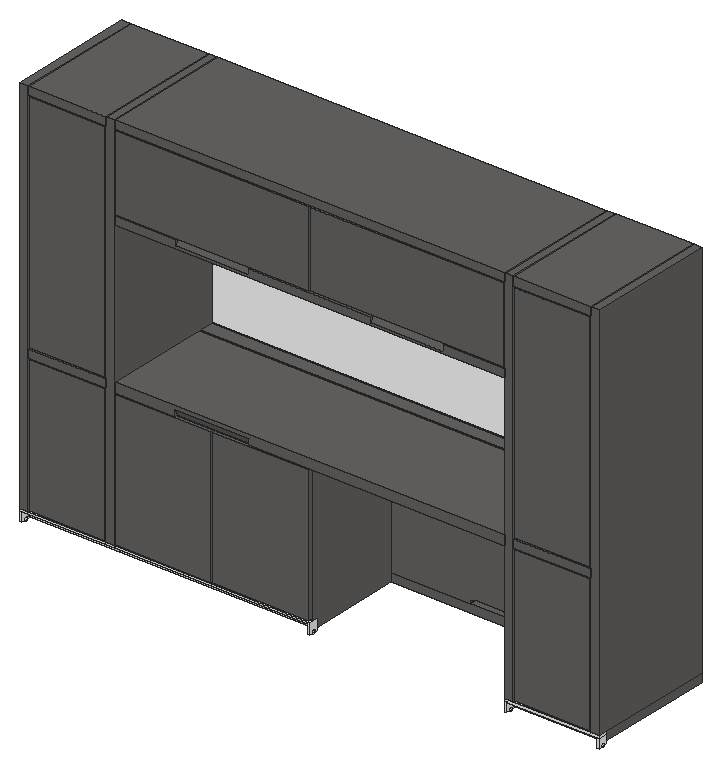
Revit family "Storage-Wall-Teknion-ZXSO_74_High_With_Lights-R2011", category Furniture Systems, Revit 2013
Parameters (values of type "(See Type Catalog)")
  Working Wall Finish [instance] = Glass - Teknion - K6 - White Backpainted
  Width = 108 105/128"
  Warranty = "http://www.teknionstudio.com/pdfs/Teknion%20Studio%20Warranty.pdf"
  Wall Unit Finish [instance] = Veneer - Teknion - P7 - Grey Oak
  Voltage = 120 V
  Unit Weight = 740.00 lbf
  URL = "www.teknionstudio.com"
  Tabletop Cutout Offset = if(Has Double Doors, 0", 4")  # 0"
  Right Storage Tower = Storage-Unit-Teknion-Tower : Upper Wardrobe & Lower Door
  Left Storage Tower = Storage-Unit-Teknion-Tower : Upper Wardrobe & Lower Door
  Series = "B&B Italia"
  Product Page URL = "http://www.teknionstudio.com/acexecutive/"
  Product Line = "AC Executive"
  Product Documentation Link = "http://www.teknionstudio.com/pricing/ac_executive_storage_walls_ppg.pdf"
  Power Factor = 1
  Part Number = "ZXSO"
  Number of Poles = 1
  Model = ""
  Manufacturer Phone = "919-464-2920"
  Manufacturer Fax = "919-464-2927"
  Manufacturer Email = "customersupport@teknionstudio.com"
  Manufacturer Address = "3940 US 70 Business HWY West, Clayton, NC 27520"
  Manufacturer = "Teknion Studio"  # constant formula
  Low Emitting Material = yes
  Low Emitting Finish = yes
  Height = 73.81394"
  Has File File Drawers = not(Has Double Doors)  # no
  Has Double Doors = yes
  Description = ""
  Depth = 24"
  Assembly Code = "E2020200"
  Apparent Load = 22.8 VA
Reference planes (in)
  plane 1 "Center F/B": y = 0
  plane 2: z = 0
  plane 3 "Back": y = 12
  plane 4 "Front": y = -12
  plane 5 "Top": z = 73.81394
  plane 6: x = 28.60504
  plane 7: z = 29.68402
  plane 8: z = 56.1289
  plane 9: x = -44.78207
  plane 10: z = 2.1289
  plane 11 "Center L/R": x = -8.08858
  plane 12 "Foot Centerline": y = -11.2126
  plane 13 "Tabletop Cutout": y = -12
  plane 14 "Foot Centerline Front": y = -10.22835
  plane 15 "Foot Centerline Back": y = 10.22835
  plane 16: y = -8.484
  plane 17 "Left": x = -62.49874
  plane 18 "Right": x = 46.32157
Forms (in)
  Sweep 1, solid, material "Metal - Teknion - C6 - Chrome"
    path origin (0, 0, 0) x (1, 0, 0) y (0, 0, 1)
      loop
        line (-44.78207, 2.1289) -> (-8.08858, 2.1289) -> (-8.08858, 0.05803)
    profile origin (-26.43533, 0, 2.1289) x (0, 0, 1) y (0, -1, 0)
      loop
        line (0, 12) -> (-0.394, 12) -> (-0.394, 10.4252) -> (0, 10.4252) -> (0, 12)
  Sweep 2, solid, material "Metal - Teknion - C6 - Chrome"
    path origin (0, 0, 0) x (1, 0, 0) y (0, 0, 1)
      loop
        line (-44.78207, 2.1289) -> (-8.08858, 2.1289)
    profile origin (-26.43533, 0, 2.1289) x (0, 0, 1) y (0, -1, 0)
      loop
        line (-0.394, 10.6222) -> (-1.5748, 10.6222) -> (-1.5748, 10.4252) -> (-0.394, 10.4252) -> (-0.394, 10.6222)
  Revolve 3, solid, material "Metal - Teknion - C6 - Chrome"
    sketch origin (0.39385, -11.2126, 0) x (0, 0, -1) y (1, 0, 0)
      loop
        line (-0.4911, -8.67943) -> (0, -8.67943) -> (0, -8.34479) -> (-0.03937, -8.30542) -> (-0.20618, -8.30542) -> (-0.24555, -8.34479) -> (-0.28492, -8.30542) -> (-0.45173, -8.30542) -> (-0.4911, -8.34479) -> (-0.4911, -8.67943)
      axis (0, -8.67943) -> (-0.4911, -8.67943)
    angle from 0 to 360
  Sweep 4, solid, material "Veneer - Teknion - P7 - Grey Oak" <- "Wall Unit Finish"
    path origin (0, 0, 0) x (1, 0, 0) y (0, 0, 1)
      loop
        line (-44.78207, 29.68402) -> (28.60504, 29.68402)
    profile origin (-8.08852, 0, 29.68402) x (0, 0, 1) y (0, -1, 0)
      loop
        line (0, 12) -> (-1.7638, 12) -> (-1.7638, -7.11393) -> (-5.30827, -7.11393) -> (-5.30827, -7.08268) -> (-27.55512, -7.08268) -> (-27.55512, -7.11393) -> (-29.0945, -7.11393) -> (-29.0945, -12) -> (-27.55512, -12) -> (-27.55512, -7.80668) -> (-5.30828, -7.80668) -> (-5.30828, -12) -> (44.12992, -12) -> (44.12992, 12) -> (42.59022, 12) -> (42.59022, 11.2126) -> (27.98392, 11.2126) -> (27.98392, 12) -> (26.44488, 12) -> (26.44488, -10.94094) -> (0, -10.94094) -> (0, -10.90969) -> (-0.72441, -10.90969) -> (-0.72441, -10.56693) -> (0, -10.56693) -> (0, -8.05709) -> (-0.72441, -8.05709) -> (-0.72441, -7.80709) -> (0, -7.80709) -> (0, 12)
  Sweep 5, solid, material "Veneer - Teknion - P7 - Grey Oak" <- "Wall Unit Finish"
    path origin (0, 0, 0) x (1, 0, 0) y (0, 0, 1)
      loop
        line (-44.78207, 29.68402) -> (-8.08858, 29.68402)
    profile origin (-26.43533, 0, 29.68402) x (0, 0, 1) y (0, -1, 0)
      loop
        line (-1.7638, 11.27559) -> (-27.55512, 11.27559) -> (-27.55512, 10.4252) -> (-29.0945, 10.4252) -> (-29.0945, -12) -> (-1.7638, -12) -> (-1.7638, 11.27559)
  Sweep 6, solid, material "Veneer - Teknion - P7 - Grey Oak" <- "Wall Unit Finish"
    path origin (0, 0, 15.40683) x (-1, 0, 0) y (0, -1, 0)
      loop
        line (16.17717, 12) -> (16.17717, 11.276)
    profile origin (-16.17717, -11.638, 15.40683) x (-1, 0, 0) y (0, 0, 1)
      loop
        line (28.35376, 42.5111) -> (28.35376, 56.6174) -> (-7.96416, 56.6174) -> (-7.96416, 42.5111) -> (28.35376, 42.5111)
      loop
        line (-8.21416, 56.6174) -> (-44.5322, 56.6174) -> (-44.5322, 42.5111) -> (-8.21416, 42.5111) -> (-8.21416, 56.6174)
  Sweep 7, solid, material "Veneer - Teknion - P7 - Grey Oak" <- "Wall Unit Finish", visible <- "Has Double Doors"
    path origin (0, 0, 15.40683) x (-1, 0, 0) y (0, -1, 0)
      loop
        line (16.17717, 12) -> (16.17717, 11.276)
    profile origin (-16.17717, -11.638, 15.40683) x (-1, 0, 0) y (0, 0, 1)
      loop
        line (-7.83788, 12.26339) -> (-7.83788, -13.03482) -> (10.15331, -13.03482) -> (10.15331, 12.26339) -> (-7.83788, 12.26339)
      loop
        line (10.40331, 12.26339) -> (10.40331, -13.03482) -> (28.35504, -13.03482) -> (28.35504, 12.26339) -> (10.40331, 12.26339)
  Sweep 8, solid, material "Veneer - Teknion - P7 - Grey Oak" <- "Wall Unit Finish", visible <- "Has File File Drawers"
    path origin (0, 0, 15.40683) x (-1, 0, 0) y (0, -1, 0)
      loop
        line (16.17717, 12) -> (16.17717, 11.276)
    profile origin (-16.17717, -11.638, 15.40683) x (-1, 0, 0) y (0, 0, 1)
      loop
        line (-7.83801, 12.26339) -> (-7.83801, 0.01144) -> (28.3549, 0.01144) -> (28.3549, 12.26339) -> (-7.83801, 12.26339)
      loop
        line (28.3549, -0.77597) -> (-7.83801, -0.77597) -> (-7.83801, -13.03482) -> (28.3549, -13.03482) -> (28.3549, -0.77597)
  Sweep 9, void
    path origin (0, 0, 0) x (1, 0, 0) y (0, 0, 1)
      loop
        line (-33.34466, 29.68402) -> (-19.56514, 29.68402)
    profile origin (-26.4549, 0, 29.68402) x (0, 0, 1) y (0, -1, 0)
      loop
        line (-1.7638, 12) -> (-1.7638, 11.52756) -> (-0.66143, 12) -> (-1.7638, 12)
  Sweep 10, void
    path origin (0, 0, 0) x (1, 0, 0) y (0, 0, 1)
      loop
        line (-33.3248, 56.1289) -> (-19.54528, 56.1289)
    profile origin (-26.43504, 0, 56.1289) x (0, 0, 1) y (0, -1, 0)
      loop
        line (1.53937, 12) -> (0.43699, 12) -> (1.53937, 11.52755) -> (1.53937, 12)
  Sweep 11, void
    path origin (0, 0, 0) x (1, 0, 0) y (0, 0, 1)
      loop
        line (3.36811, 56.1289) -> (17.14764, 56.1289)
    profile origin (10.25787, 0, 56.1289) x (0, 0, 1) y (0, -1, 0)
      loop
        line (1.53937, 11.52755) -> (1.53937, 12) -> (0.43699, 12) -> (1.53937, 11.52755)
  Sweep 12, void
    path origin (0, 0, 15.40683) x (-1, 0, 0) y (0, -1, 0)
      loop
        line (0, -7.80668) -> (0, -7.08268)
    profile origin (0, 7.44468, 15.40683) x (1, 0, 0) y (0, 0, 1)
      loop
        line (6.83338, 8.96892) -> (6.83338, 8.10396)
        arc (6.83338, 8.10396) -> (7.06401, 7.54718) -> (7.62079, 7.31655) r 0.7874
        line (7.62079, 7.31655) -> (12.93575, 7.31655)
        arc (12.93575, 7.31655) -> (13.49252, 7.54718) -> (13.72315, 8.10396) r 0.7874
        line (13.72315, 8.10396) -> (13.72315, 8.96892) -> (6.83338, 8.96892)
      loop
        line (13.72315, -13.27793) -> (13.72315, -13.12045)
        arc (13.72315, -13.12045) -> (13.50406, -12.59152) -> (12.97512, -12.37242) r 0.74803
        line (12.97512, -12.37242) -> (7.58142, -12.37242)
        arc (7.58142, -12.37242) -> (7.05248, -12.59152) -> (6.83338, -13.12045) r 0.74803
        line (6.83338, -13.12045) -> (6.83338, -13.27793) -> (13.72315, -13.27793)
Cuts and joins
  joined: Sweep 1, Sweep 2, Revolve 3
  Sweep 9, Sweep 10, Sweep 11, Sweep 12 cuts Sweep 4
Lines and regions (in)
  Masking region 1
    outline origin (0, 0, 15.40683) x (-1, 0, 0) y (0, -1, 0)
      loop
        line (44.78207, -12) -> (44.78207, 12) -> (-28.60504, 12) -> (-28.60504, -12) -> (44.78207, -12)
  symbolic lines, style "Elevation Swing"
    curve 1: line (-44.78207, -12, 57.66827) -> (-26.43533, -12, 72.02424)
    curve 2: line (-8.08858, -12, 57.66832) -> (-26.43533, -12, 72.02424)
    curve 3: line (-8.08858, 0, 57.66832) -> (10.25823, 0, 72.19583)
    curve 4: line (10.25823, 0, 72.19583) -> (28.60504, 0, 57.66827)
  symbolic lines, style "Elevation Swing", visible <- "Has Double Doors"
    curve 5: line (-26.58047, 0, 27.67022) -> (-44.5322, 0, 15.02111)
    curve 6: line (-44.5322, 0, 15.02111) -> (-26.58047, 0, 2.37201)
    curve 7: line (-26.33047, 0, 2.37201) -> (-8.33929, 0, 15.02456)
    curve 8: line (-8.33929, 0, 15.02456) -> (-26.33047, 0, 27.67022)
  symbolic lines, detail levels medium+fine
    curve 9: line (-44.78207, 12, 15.40683) -> (-44.78207, -12, 15.40683)
  symbolic lines, style "FurnitureSystemsHiddenLines", detail levels fine
    curve 10: line (-8.08858, -11.276, 15.40683) -> (-44.78207, -11.276, 15.40683)
    curve 15: line (-8.08858, 12, 15.40683) -> (-8.08858, -12, 15.40683)
  symbolic lines, visible <- "Has Double Doors"
    curve 11: arc (-26.43526, -12, 15.40683) -> (-21.06164, -24.97306, 15.40683) -> (-8.08858, -30.34668, 15.40683) r 18.34668
    curve 12: line (-44.78207, -12, 15.40683) -> (-44.78207, -30.34681, 15.40683)
    curve 13: line (-8.08858, -12, 15.40683) -> (-8.08858, -30.34668, 15.40683)
    curve 14: arc (-44.78207, -30.34681, 15.40683) -> (-31.80892, -24.97315, 15.40683) -> (-26.43526, -12, 15.40683) r 18.34681
Dimensions and locks (in)
  equal spacing: plane 3 "Back", plane 1 "Center F/B", plane 4 "Front"
  "Depth": plane 3 "Back" to plane 4 "Front"
  "Height": plane 5 "Top" to plane 2
  locked: plane 7 to plane 2 at 29.68402
  locked: plane 8 to plane 7 at 26.44488
  locked: plane 10 to plane 2 at 2.1289
  locked: plane 10 to Sweep 2 sketch curve at 0.394
  locked: Sweep 2 sketch curve to Sweep 2 sketch curve at 1.1808
  plane 4 "Front" to Sweep 2 sketch curve to Sweep 2 sketch curve = 1.3778" locked, 0.197" locked
  locked: plane 4 "Front" to plane 12 "Foot Centerline" at 0.7874
  locked: plane 10 to Sweep 4 sketch curve at 1.53939
  locked: plane 7 to Sweep 4 sketch curve at 1.7638
  Sweep 5 sketch curve to Sweep 5 sketch curve to plane 3 "Back" = 23.27559", 0"
  locked: plane 7 to Sweep 5 sketch curve at 1.7638
  locked: plane 4 "Front" to Sweep 5 sketch curve at 1.5748
  locked: plane 4 "Front" to Sweep 6 sketch curve at 0.724
  plane 5 "Top" to Sweep 6 sketch curve to Sweep 6 sketch curve = 1.7897" locked, 14.1063" locked  (x2)
  Sweep 6 sketch curve to Sweep 6 sketch curve to Sweep 6 sketch curve to Sweep 6 sketch curve = 36.31805", 1/4", 36.31791"
  locked: plane 4 "Front" to Sweep 7 sketch curve at 0.724
  locked: plane 4 "Front" to Sweep 8 sketch curve at 0.724
  locked: Sweep 9 sketch curve to Sweep 9 sketch curve at 13.77953
  locked: plane 7 to Sweep 9 sketch curve at 1.7638
  locked: plane 13 "Tabletop Cutout" to Sweep 9 sketch curve at 0.47244
  "Tabletop Cutout Offset": plane 13 "Tabletop Cutout" to plane 4 "Front"
  locked: Sweep 10 sketch curve to Sweep 10 sketch curve at 13.77953
  locked: Sweep 10 sketch curve to plane 8 at 1.53937
  locked: Sweep 10 sketch curve to plane 8 at 0.43699
  locked: plane 4 "Front" to Sweep 10 sketch curve at 0.47245
  Sweep 11 sketch curve to Sweep 11 sketch curve to plane 8 = 1.10238" locked, 0.43699" locked
  locked: plane 4 "Front" to Sweep 11 sketch curve at 0.47245
  plane 3 "Back" to Sweep 12 sketch curve to Sweep 12 sketch curve = 4.19332" locked, 0.724" locked
  equal spacing: plane 11 "Center L/R", curve 2, plane 9
  equal spacing: plane 6, curve 4, plane 11 "Center L/R"
  locked: plane 4 "Front" to curve 10 at 0.724
  locked: plane 3 "Back" to plane 15 "Foot Centerline Back" at 1.77165
  locked: plane 4 "Front" to plane 14 "Foot Centerline Front" at 1.77165
  locked: plane 4 "Front" to plane 16 at 3.516
  locked: plane 17 "Left" to plane 9 at 17.71667
  locked: Sweep 7 sketch curve to Sweep 7 sketch curve at 25.29821  (x2)
  Sweep 7 sketch curve to Sweep 7 sketch curve to Sweep 7 sketch curve to Sweep 7 sketch curve = 17.95173" locked, 1/4" locked, 17.99118" locked
  Sweep 8 sketch curve to Sweep 8 sketch curve to Sweep 8 sketch curve to Sweep 8 sketch curve = 12.25195" locked, 0.7874" locked, 12.25886" locked
  locked: Sweep 8 sketch curve to Sweep 8 sketch curve at 36.19291  (x2)
  curve 12 to curve 14 to plane 11 "Center L/R" = 18.34681" locked, 18.34668" locked
  locked: Sweep 12 sketch curve to Sweep 12 sketch curve at 6.88976  (x2)
  locked: Sweep 12 sketch curve to Sweep 12 sketch curve at 1.65236
  locked: plane 11 "Center L/R" to Sweep 9 sketch curve at 11.47655
  locked: plane 11 "Center L/R" to Sweep 10 sketch curve at 11.45669
  Sweep 11 sketch curve to Sweep 11 sketch curve to plane 11 "Center L/R" = 13.77953" locked, 11.45669" locked
  locked: plane 11 "Center L/R" to Sweep 12 sketch curve at 14.92197
  locked: Sweep 12 sketch curve to plane 11 "Center L/R" at 14.92197
  locked: Sweep 8 sketch curve to plane 11 "Center L/R" at 0.25057
  locked: plane 11 "Center L/R" to Sweep 8 sketch curve at 0.25057
  locked: plane 7 to Sweep 8 sketch curve at 2.0138
  locked: plane 11 "Center L/R" to Sweep 7 sketch curve at 0.25071
  locked: plane 7 to Sweep 7 sketch curve at 2.0138  (x2)
  locked: Sweep 6 sketch curve to plane 6 at 0.25
  locked: plane 6 to plane 18 "Right" at 17.71654
  "Width": plane 17 "Left" to plane 18 "Right"
  equal spacing: plane 17 "Left", plane 11 "Center L/R", plane 18 "Right"
  locked: Sweep 12 sketch curve to plane 10 at 0.90551
  locked: plane 7 to Sweep 12 sketch curve at 5.30827
  Revolve 3 sketch curve to Revolve 3 sketch curve to Revolve 3 sketch curve to Revolve 3 sketch curve to Revolve 3 sketch curve to plane 2 = 0.16681" locked, 0.03937" locked, 0.03937" locked, 0.16681" locked, 0.03937" locked
  Revolve 3 sketch curve to Revolve 3 sketch curve to plane 11 "Center L/R" to Revolve 3 sketch curve = 0" locked, 0.17702" locked, 0.197" locked
  aligned and locked: level to plane 2
  aligned and locked: Sweep 1 sketch curve to plane 10  (x2)
  aligned and locked: Sweep 1 sketch curve to plane 4 "Front"
  aligned and locked: Sweep 2 sketch curve to plane 10
  aligned and locked: plane 9 to Sweep 4 sketch curve
  aligned and locked: plane 6 to Sweep 4 sketch curve
  aligned and locked: Sweep 4 sketch curve to plane 7  (x4)
  aligned and locked: Sweep 4 sketch curve to plane 4 "Front"
  aligned and locked: plane 3 "Back" to Sweep 4 sketch curve
  aligned and locked: Sweep 5 sketch curve to plane 7
  aligned and locked: plane 10 to Sweep 5 sketch curve
  aligned and locked: plane 4 "Front" to Sweep 6 sketch curve
  aligned and locked: Sweep 4 sketch curve to plane 8
  aligned and locked: plane 4 "Front" to Sweep 7 sketch curve
  aligned and locked: plane 4 "Front" to Sweep 8 sketch curve
  aligned and locked: Sweep 9 sketch curve to plane 7
  aligned and locked: plane 13 "Tabletop Cutout" to Sweep 9 sketch curve
  aligned and locked: Sweep 10 sketch curve to plane 8
  aligned and locked: Sweep 11 sketch curve to plane 8
  aligned and locked: Sweep 11 sketch curve to plane 4 "Front"
  aligned and locked: plane 9 to curve 1
  aligned and locked: plane 11 "Center L/R" to curve 2
  aligned and locked: Sweep 6 to curve 2
  aligned and locked: plane 6 to curve 4
  aligned and locked: Masking region 1 sketch curve to plane 3 "Back"
  aligned and locked: Masking region 1 sketch curve to plane 4 "Front"
  aligned and locked: plane 3 "Back" to curve 9
  aligned and locked: plane 4 "Front" to curve 9
  aligned and locked: plane 3 "Back" to curve 15
  aligned and locked: plane 4 "Front" to curve 15
  aligned and locked: plane 4 "Front" to Sweep 10 sketch curve
  aligned and locked: Sweep 4 sketch curve to plane 5 "Top"
  aligned and locked: plane 12 "Foot Centerline" to Sweep 4 sketch curve
  aligned and locked: plane 4 "Front" to Sweep 4 sketch curve  (x2)
  aligned and locked: plane 4 "Front" to curve 14
  aligned: plane 8 to nested 1
  aligned: plane 11 "Center L/R" to nested 1
  aligned and locked: nested 1 to plane 16
  aligned and locked: plane 8 to nested 1
  aligned and locked: plane 11 "Center L/R" to nested 1
  aligned and locked: plane 10 to Sweep 12 sketch curve
  aligned and locked: plane 9 to Masking region 1 sketch curve
  aligned and locked: plane 1 "Center F/B" to Sweep 5 sketch curve
  aligned: plane 11 "Center L/R" to Sweep 5 sketch curve
  aligned: plane 6 to Sweep 5 sketch curve
  aligned and locked: nested 2 to plane 2
  aligned and locked: Sweep 7 to curve 7
  aligned and locked: curve 6 to Sweep 7
  aligned and locked: curve 8 to Sweep 7
  aligned and locked: Sweep 7 to curve 5
  aligned and locked: Sweep 7 to Sweep 7
  aligned and locked: Sweep 7 to curve 6
  aligned and locked: curve 7 to Sweep 7
  aligned and locked: Sweep 7 to curve 8
  aligned and locked: plane 9 to nested 2
  aligned and locked: nested 2 to plane 1 "Center F/B"
  aligned and locked: Masking region 1 sketch curve to plane 6
  aligned and locked: plane 1 "Center F/B" to nested 3
  aligned and locked: nested 3 to plane 6
  aligned and locked: plane 2 to nested 3
  aligned and locked: plane 9 to Sweep 1 sketch curve
  aligned and locked: Sweep 1 sketch curve to plane 11 "Center L/R"
  aligned and locked: plane 9 to Sweep 2 sketch curve
  aligned and locked: Revolve 3 sketch curve to Revolve 3 sketch curve
  aligned and locked: plane 2 to Revolve 3 sketch curve
  aligned and locked: plane 9 to Sweep 5 sketch curve
  aligned and locked: plane 11 "Center L/R" to Sweep 5 sketch curve
  aligned and locked: Sweep 4 sketch curve to plane 3 "Back"
  aligned and locked: Sweep 4 sketch curve to plane 10
Automatic sketch dimensions
  curve 11 to plane 6 = 36.69362"
  curve 11 to curve 14 = 0"
  plane 8 to curve 2 = 1.53942"
  plane 8 to curve 1 = 1.53937"
  profile plane to Sweep 1 sketch curve = 0.394"
  Sweep 1 sketch curve to Sweep 1 sketch curve = 1.5748"
  Sweep 5 sketch curve to plane 11 "Center L/R" = 36.69349"
  Sweep 5 sketch curve to plane 6 = 36.69362"
  Sweep 5 sketch curve to Sweep 5 sketch curve = 1.53939"
  profile plane to Sweep 9 sketch curve = 0.66143"
  profile plane to Sweep 12 sketch curve = 8.96892"
  Sweep 12 sketch curve to Sweep 12 sketch curve = 0.74803"  (x2)
  Sweep 12 sketch curve to Sweep 12 sketch curve = 0.7874"  (x2)
  Sweep 12 sketch curve to Sweep 12 sketch curve = 0.15748"
  plane 11 "Center L/R" to Sweep 12 sketch curve = 8.08858"
  curve 3 to plane 11 "Center L/R" = 0"
  curve 8 to plane 6 = 36.94433"
  curve 8 to curve 5 = 0"
  plane 10 to curve 8 = 12.89566"
  plane 10 to curve 6 = 12.89222"
  plane 10 to curve 6 = 0.24311"
  plane 8 to curve 4 = 1.53937"
  plane 8 to curve 3 = 1.53942"
  curve 3 to plane 5 "Top" = 1.61811"
  level to Sweep 1 sketch curve = 0.05803"
  Sweep 2 sketch curve to plane 11 "Center L/R" = 0"
  Revolve 3 sketch curve to level = 0"
  plane 11 "Center L/R" to Revolve 3 sketch curve = 0.13765"
  Revolve 3 sketch curve to Revolve 3 sketch curve = 0.03937"  (x2)
  Revolve 3 sketch curve to Revolve 3 sketch curve = 0.4777"
  Sweep 6 sketch curve to plane 11 "Center L/R" = 8.08858"
  Sweep 7 sketch curve to plane 11 "Center L/R" = 8.08858"
  Sweep 8 sketch curve to plane 11 "Center L/R" = 8.08858"
  Sweep 4 sketch curve to Sweep 4 sketch curve = 0"  (x2)
  profile plane to Sweep 4 sketch curve = 5.30828"
  profile plane to Sweep 4 sketch curve = 0.72441"  (x2)
  Sweep 4 sketch curve to Sweep 4 sketch curve = 1.53904"
  Sweep 4 sketch curve to Sweep 4 sketch curve = 1.5397"
  Sweep 4 sketch curve to Sweep 4 sketch curve = 1.05906"
  Sweep 4 sketch curve to Sweep 4 sketch curve = 1/32"  (x2)
  Sweep 4 sketch curve to Sweep 4 sketch curve = 0.34277"
  Sweep 4 sketch curve to Sweep 4 sketch curve = 2.50984"
  Sweep 4 sketch curve to Sweep 4 sketch curve = 1/4"
  Sweep 4 sketch curve to Sweep 4 sketch curve = 4.19332"
  Sweep 4 sketch curve to Sweep 4 sketch curve = 4.88607"
  Sweep 4 sketch curve to Sweep 4 sketch curve = 0.69316"
Nested families (in)
  nested 1: "Lighting-Teknion-Storage_Wall" at (-8.08858, 0.12401, 56.1289), type "Lighting-Teknion-Storage_Wall"
  nested 2: "Storage-Unit-Teknion-Tower" at (-53.64034, 0, 0) x (-1, 0, 0) z (0, 0, 1), type <- "Left Storage Tower", Height <- "Height", type "Upper Wardrobe & Lower Door"
    with Height 73.81394", Has Top Shelf no, Has Right Leg yes, Has Left Leg no, Bottom Drawer Height 26.016"
  nested 3: "Storage-Unit-Teknion-Tower" at (37.46331, 0, 0), type <- "Right Storage Tower", Height <- "Height", type "Upper Wardrobe & Lower Door"
    with Height 73.81394", Has Top Shelf no, Has Right Leg yes, Has Left Leg yes, Bottom Drawer Height 26.016"
Connectors (in)
  electrical at (-8.08852, 12, 49.09483), driven by "Number of Poles", driven by "Voltage", driven by "Apparent Load", driven by "Power Factor"
    settings: on cut or joined group of Sweep 4, Sweep 9, Sweep 10, Sweep 11, Sweep 12, index 1, voltage 120 V, apparent load 0 VA, apparent load phase1 22.8 VA, apparent load phase2 0 VA, apparent load phase3 0 VA, power factor 1, load classification "Other", number of poles 1, system type 31, power factor state 1, is connector primary yes, connector utility no, sub classification motor no, connector description "Electrical Connector"
Definition of nested family "Lighting-Teknion-Storage_Wall"
  Parameters (values of type "Lighting-Teknion-Storage_Wall")
    Wattage = 4.03926 W
    built-in parameter 1150110 = 1 (stored number, unit not read)
    built-in parameter 1114217 = 1 (stored number, unit not read)
    built-in parameter 1150109 = 1 (stored number, unit not read)
    built-in parameter 1150134 = 1
    built-in parameter 1150113 = 1 (stored number, unit not read)
    Offset From Reference Level = 0"
    Lumens = 600 lm
    built-in parameter 1150115 = 1 (stored number, unit not read)
    built-in parameter 1150105 = 190.99 (stored number, unit not read)
    Light Source Symbol Size = 3"
    built-in parameter 1150137 = (empty or 0)
    built-in parameter 1150139 = (empty or 0)
    built-in parameter 1150112 = 1 (stored number, unit not read)
    built-in parameter 1150114 = 1 (stored number, unit not read)
    built-in parameter 1150132 = 2
    built-in parameter 1150102 = (empty or 0)
    built-in parameter 1150138 = (empty or 0)
    built-in parameter 1150107 = 6500 (stored number, unit not read)
    built-in parameter 1150106 = 1.9099 (stored number, unit not read)
    Emit from Line Length = 68"
    built-in parameter 1150104 = 13.8 (stored number, unit not read)
    Dimming Lamp Color Temperature Shift = 1
    Default Elevation = 48"
    Color Filter = 16776172
    built-in parameter 1114218 = 1 (stored number, unit not read)
    built-in parameter 1150133 = 10 (stored number, unit not read)
    Assembly Code = ""
  Reference planes (in)
    plane 1 "Light Source Axis (F/B)": y = -8.60801
    plane 2: z = 0
    plane 3 "Light Source Axis (L/R)": x = 0
    plane 4 "Light Source Elevation": z = 0
    plane 5: z = 0
    plane 6: x = -36.6875
    plane 7: x = 36.6875
  Forms (in)
    Sweep 1, solid, material "Glass - Teknion - CL - Clear"
      path origin (0, 0, 0) x (1, 0, 0) y (0, 1, 0)
        loop
          line (-36.6875, -8.60801) -> (36.6875, -8.60801)
      profile origin (0, -8.60801, 0) x (0, 1, 0) y (0, 0, 1)
        loop
          line (-0.51562, 0) -> (-0.51562, -0.40625) -> (0.51563, -0.40625) -> (0.51563, 0) -> (-0.51562, 0)
  Dimensions and locks (in)
    equal spacing: plane 7, plane 3 "Light Source Axis (L/R)", plane 6
    locked: plane 7 to plane 6 at 73.375
    locked: plane 5 to Sweep 1 sketch curve at 0.40625
    equal spacing: Sweep 1 sketch curve, plane 1 "Light Source Axis (F/B)", Sweep 1 sketch curve
    locked: Sweep 1 sketch curve to Sweep 1 sketch curve at 1.03125
    aligned and locked: plane 3 "Light Source Axis (L/R)" to imposter light
    aligned and locked: plane 1 "Light Source Axis (F/B)" to imposter light
    aligned and locked: plane 4 "Light Source Elevation" to imposter light
    aligned and locked: level to plane 5
    aligned and locked: plane 5 to plane 2
    aligned and locked: plane 6 to Sweep 1 sketch curve
    aligned and locked: plane 7 to Sweep 1 sketch curve
    aligned and locked: plane 1 "Light Source Axis (F/B)" to Sweep 1 sketch curve
    aligned and locked: Sweep 1 sketch curve to profile plane
Definition of nested family "Storage-Unit-Teknion-Tower"
  Parameters (values of type "Upper Wardrobe & Lower Door")
    Width = 17.71654"
    Warranty = "http://www.teknionstudio.com/pdfs/Teknion%20Studio%20Warranty.pdf"
    Wall Unit Finish = Veneer - Teknion - P8 - Light Brushed Oak
    URL = "www.teknionstudio.com"
    Series = "B&B Italia"  # constant formula
    Product Line = "AC Executive"  # constant formula
    Model = ""
    Middle Drawer Height = if(Has Top Drawer, 6.425", 12.719")  # 12.719"
    Manufacturer Phone = "919-464-2920"
    Manufacturer Fax = "919-464-2927"
    Manufacturer Email = "customersupport@teknionstudio.com"
    Manufacturer Address = "3940 US 70 Business HWY West, Clayton, NC 27520"
    Manufacturer = "Teknion Studio"  # constant formula
    Height [instance] = 73.81394"
    Has Top Shelf [instance] = and(Height > 75", Has Shelves)  # no
    Has Top Drawer = no
    Has Top Door = yes
    Has Shelves = no
    Has Right Leg [instance] = yes
    Has Middle Drawer = no
    Has Lower Shelf = yes
    Has Left Leg [instance] = no
    Has Full Wardrobe Door = no
    Has Doors = yes
    Door Projection Symbol = yes
    Description = "Tower Storage Unit"
    Depth = 24"
    Bottom Drawer Height [instance] = if(Has Middle Drawer, 13.047", if(Has Top Drawer, 13.047", if(Has Full Wardrobe Door, (Height - 3.668"), 26.016")))  # 26.016"
    Assembly Code = "E2010200"
  Types (7): name | Middle Drawer Height | Has Top Drawer | Has Top Door | Has Shelves | Has Middle Drawer | Has Lower Shelf | Has Full Wardrobe Door | Has Doors | Door Projection Symbol | Bottom Drawer Height
    Upper Shelves & Lower Door | 12.719" | no | no | yes | no | yes | no | yes | yes | 26.016"
    Upper Shelves & File/File Pedestal | 12.719" | no | no | yes | yes | yes | no | no | no | 13.047"
    Upper Shelves & Box/Box/File Pedestal | 6.425" | yes | no | yes | yes | yes | yes | no | no | 13.047"
    Full Wardrobe | 12.719" | no | no | no | no | no | yes | yes | yes | 70.14594"
    Upper Wardrobe & Lower Door | 12.719" | no | yes | no | no | yes | no | yes | yes | 26.016"
    Upper Wardrobe & File/File Pedestal | 12.719" | no | yes | no | yes | yes | no | no | yes | 13.047"
    Upper Wardrobe & Box/Box/File Pedestal | 6.425" | yes | yes | no | yes | yes | no | no | yes | 13.047"
  Reference planes (in)
    plane 1 "Center F/B": y = 0
    plane 2: z = 0
    plane 3 "Center L/R": x = 0
    plane 4 "Left": x = -8.85827
    plane 5 "Right": x = 8.85827
    plane 6 "Back": y = 12
    plane 7 "Front": y = -12
    plane 8 "Top": z = 73.81394
    plane 9: x = -7.3189
    plane 10: x = 7.3189
    plane 11: z = 2.1289
    plane 12 "Foot Centerline": y = -11.2126
    plane 13: z = 29.68402
    plane 14 "Drawer 1 Top": z = 28.1449
    plane 15 "Drawer 2 Top": z = 40.8639
    plane 16 "Drawer 3 Top": z = 27.89502
    plane 17: z = 42.13677
  Forms (in)
    Sweep 1, solid, material "Metal - Teknion - C6 - Chrome", visible <- "Has Left Leg"
      path origin (0, -12, 0) x (1, 0, 0) y (0, 0, 1)
        loop
          line (-8.85827, 1.7349) -> (-8.85827, 0.05803)
      profile origin (-8.85827, -12, 0.89646) x (0, -1, 0) y (1, 0, 0)
        loop
          line (-1.5748, 0) -> (0, 0) -> (0, 0.394) -> (-1.5748, 0.394) -> (-1.5748, 0)
    Sweep 2, solid, material "Metal - Teknion - C6 - Chrome"
      path origin (0, -12, 0) x (1, 0, 0) y (0, 0, 1)
        loop
          line (-8.85827, 2.1289) -> (8.46427, 2.1289)
      profile origin (-0.197, -12, 2.1289) x (0, 0, 1) y (0, -1, 0)
        loop
          line (-0.394, -1.5748) -> (-0.394, -1.3778) -> (-1.575, -1.3778) -> (-1.575, -1.5748) -> (-0.394, -1.5748)
    Revolve 3, solid, material "Metal - Teknion - C6 - Chrome"
      sketch origin (0, -11.2126, 0) x (0, 0, -1) y (1, 0, 0)
        loop
          line (-0.4911, 8.32677) -> (-0.45173, 8.2874) -> (-0.28492, 8.2874) -> (-0.24555, 8.32677) -> (-0.20618, 8.2874) -> (-0.03937, 8.2874) -> (0, 8.32677) -> (0, 8.66142) -> (-0.4911, 8.66142) -> (-0.4911, 8.32677)
        axis (0, 8.66142) -> (-0.4911, 8.66142)
      angle from 0 to 360
    Revolve 4, solid, material "Metal - Teknion - C6 - Chrome", visible <- "Has Left Leg"
      sketch origin (0, -11.2126, 0) x (0, 0, -1) y (1, 0, 0)
        loop
          line (0, -8.99606) -> (0, -8.66142) -> (-0.4911, -8.66142) -> (-0.4911, -8.99606) -> (-0.45173, -9.03543) -> (-0.28492, -9.03543) -> (-0.24555, -8.99606) -> (-0.20618, -9.03543) -> (-0.03937, -9.03543) -> (0, -8.99606)
        axis (0, -8.66142) -> (-0.4911, -8.66142)
      angle from 0 to 360
    Sweep 5, solid, material "Veneer - Teknion - P8 - Light Brushed Oak" <- "Wall Unit Finish"
      path origin (0, 0, 0) x (1, 0, 0) y (0, 0, 1)
        loop
          line (0, 2.1289) -> (0, 73.81394)
      profile origin (0, 0, 37.97142) x (-1, 0, 0) y (0, -1, 0)
        loop
          line (8.85827, -12) -> (8.85827, 12) -> (7.3189, 12) -> (7.3189, -12) -> (8.85827, -12)
        loop
          line (-7.3189, 12) -> (-8.85827, 12) -> (-8.85827, -12) -> (-7.3189, -12) -> (-7.3189, 12)
    Sweep 6, solid, material "Veneer - Teknion - P8 - Light Brushed Oak" <- "Wall Unit Finish"
      path origin (0, 0, 15.40683) x (-1, 0, 0) y (0, -1, 0)
        loop
          line (0, -12) -> (0, 12)
      profile origin (0, 0, 15.40683) x (1, 0, 0) y (0, 0, 1)
        loop
          line (-7.3189, 58.4071) -> (-7.3189, 56.86773) -> (7.3189, 56.86773) -> (7.3189, 58.4071) -> (-7.3189, 58.4071)
    Sweep 7, solid, material "Veneer - Teknion - P8 - Light Brushed Oak" <- "Wall Unit Finish"
      path origin (0, -12, 0) x (1, 0, 0) y (0, 0, 1)
        loop
          line (0, 2.1289) -> (0, 72.27457)
      profile origin (0, -12, 37.20173) x (-1, 0, 0) y (0, -1, 0)
        loop
          line (7.3189, -24) -> (7.3189, -23.25) -> (-7.3189, -23.25) -> (-7.3189, -24) -> (7.3189, -24)
    Sweep 8, solid, material "Veneer - Teknion - P8 - Light Brushed Oak" <- "Wall Unit Finish", visible <- "Has Lower Shelf"
      path origin (0, -12, 0) x (1, 0, 0) y (0, 0, 1)
        loop
          line (-7.3189, 29.68402) -> (7.3189, 29.68402)
      profile origin (0, -12, 29.68402) x (0, 0, 1) y (0, -1, 0)
        loop
          line (0, 0) -> (-1.539, 0) -> (-1.539, -0.724) -> (-27.55512, -0.724) -> (-27.55512, -23.25) -> (0, -23.25) -> (0, 0)
    Sweep 9, solid, material "Veneer - Teknion - P8 - Light Brushed Oak" <- "Wall Unit Finish"
      path origin (0, -12, 0) x (1, 0, 0) y (0, 0, 1)
        loop
          line (0, 2.3789) -> (0, 27.8949)
      profile origin (0, -12, 15.1369) x (-1, 0, 0) y (0, -1, 0)
        loop
          line (7.0689, -0.724) -> (7.0689, 0) -> (-7.0689, 0) -> (-7.0689, -0.724) -> (7.0689, -0.724)
    Sweep 10, solid, material "Veneer - Teknion - P8 - Light Brushed Oak" <- "Wall Unit Finish", visible <- "Has Middle Drawer"
      path origin (0, -12, 0) x (1, 0, 0) y (0, 0, 1)
        loop
          line (0, 28.1449) -> (0, 40.8639)
      profile origin (0, -12, 34.5044) x (-1, 0, 0) y (0, -1, 0)
        loop
          line (7.0689, -0.724) -> (7.0689, 0) -> (-7.0689, 0) -> (-7.0689, -0.724) -> (7.0689, -0.724)
    Sweep 11, solid, material "Veneer - Teknion - P8 - Light Brushed Oak" <- "Wall Unit Finish", visible <- "Has Top Drawer"
      path origin (0, -12, 0) x (1, 0, 0) y (0, 0, 1)
        loop
          line (0, 47.15802) -> (0, 41.1139)
      profile origin (0, -12, 44.13596) x (0, -1, 0) y (1, 0, 0)
        loop
          line (0, 7.0689) -> (-0.724, 7.0689) -> (-0.724, -7.0689) -> (0, -7.0689) -> (0, 7.0689)
    Sweep 12, solid, material "Veneer - Teknion - P8 - Light Brushed Oak" <- "Wall Unit Finish", visible <- "Has Shelves"
      path origin (0, -12, 0) x (1, 0, 0) y (0, 0, 1)
        loop
          line (0, 42.13677) -> (0, 43.67614)
      profile origin (0, -12, 42.90646) x (-1, 0, 0) y (0, -1, 0)
        loop
          line (7.3189, -23.25) -> (7.3189, 0) -> (-7.3189, 0) -> (-7.3189, -23.25) -> (7.3189, -23.25)
    Sweep 13, solid, material "Veneer - Teknion - P8 - Light Brushed Oak" <- "Wall Unit Finish", visible <- "Has Shelves"
      path origin (0, -12, 13.9918) x (1, 0, 0) y (0, 0, 1)
        loop
          line (0, 42.13677) -> (0, 43.67614)
      profile origin (0, -12, 56.89825) x (-1, 0, 0) y (0, -1, 0)
        loop
          line (7.3189, -23.25) -> (7.3189, 0) -> (-7.3189, 0) -> (-7.3189, -23.25) -> (7.3189, -23.25)
    Sweep 14, solid, material "Veneer - Teknion - P8 - Light Brushed Oak" <- "Wall Unit Finish", visible <- "Has Top Door"
      path origin (0, -12, 0) x (1, 0, 0) y (0, 0, 1)
        loop
          line (0, 29.93402) -> (0, 72.02457)
      profile origin (0, -12, 50.97929) x (-1, 0, 0) y (0, -1, 0)
        loop
          line (7.0689, -0.724) -> (7.0689, 0) -> (-7.0689, 0) -> (-7.0689, -0.724) -> (7.0689, -0.724)
    Sweep 15, solid, material "Veneer - Teknion - P8 - Light Brushed Oak" <- "Wall Unit Finish"
      path origin (0, -12, 0) x (1, 0, 0) y (0, 0, 1)
        loop
          line (-8.85827, 2.1289) -> (8.85827, 2.1289)
      profile origin (0, -12, 2.1289) x (0, 0, 1) y (0, -1, 0)
        loop
          line (0, -1.5748) -> (-1.53937, -1.5748) -> (-1.53937, -24) -> (0, -24) -> (0, -1.5748)
    Sweep 16, solid, material "Veneer - Teknion - P8 - Light Brushed Oak" <- "Wall Unit Finish", visible <- "Has Top Shelf"
      path origin (0, 0, 0) x (1, 0, 0) y (0, 0, 1)
        loop
          line (0, 73.81394) -> (0, 72.27457)
      profile origin (0, 0, 73.04425) x (0, -1, 0) y (1, 0, 0)
        loop
          line (-11.25, -7.3189) -> (12, -7.3189) -> (12, 7.3189) -> (-11.25, 7.3189) -> (-11.25, -7.3189)
    Sweep 17, solid, material "Metal - Teknion - C6 - Chrome"
      path origin (0, 0, 0) x (1, 0, 0) y (0, 0, 1)
        loop
          line (-8.85827, 2.1289) -> (8.85827, 2.1289)
      profile origin (0, 0, 2.1289) x (0, 0, 1) y (0, -1, 0)
        loop
          line (0, 10.4252) -> (0, 12) -> (-0.394, 12) -> (-0.394, 10.4252) -> (0, 10.4252)
    Sweep 18, solid, material "Metal - Teknion - C6 - Chrome"
      path origin (0, 0, 0) x (1, 0, 0) y (0, 0, 1)
        loop
          line (8.85827, 1.7349) -> (8.85827, 0.05803)
      profile origin (8.85827, 0, 0.89646) x (0, -1, 0) y (1, 0, 0)
        loop
          line (10.4252, -0.394) -> (12, -0.394) -> (12, 0) -> (10.4252, 0) -> (10.4252, -0.394)
  Lines and regions (in)
    Masking region 1
      outline origin (0, 0, 15.40683) x (-1, 0, 0) y (0, -1, 0)
        loop
          line (8.85827, -12) -> (8.85827, 12) -> (-8.85827, 12) -> (-8.85827, -12) -> (8.85827, -12)
    symbolic lines, style "FurnitureSystems", detail levels medium+fine
      curve 1: line (-7.3189, 12, 15.40683) -> (-7.3189, -12, 15.40683)
      curve 2: line (7.3189, 12, 15.40683) -> (7.3189, -12, 15.40683)
    symbolic lines, style "FurnitureSystemsHiddenLines", detail levels fine
      curve 3: line (-7.3189, -11.276, 15.40683) -> (7.3189, -11.276, 15.40683)
    symbolic lines, style "Elevation Swing", visible <- "Has Doors"
      curve 4: line (-7.3189, -12, 2.1289) -> (7.3189, -12, 15.1369)
      curve 5: line (7.3189, -12, 15.1369) -> (-7.3189, -12, 28.1449)
    symbolic lines, style "Elevation Swing", visible <- "Has Top Door"
      curve 6: line (-7.3189, -12, 29.68402) -> (7.3189, -12, 50.97929)
      curve 7: line (7.3189, -12, 50.97929) -> (-7.3189, -12, 72.27457)
    symbolic lines, style "FurnitureSystems", visible <- "Door Projection Symbol"
      curve 8: arc (-7.3189, -12, 0) -> (-3.03159, -22.35048, 0) -> (7.3189, -26.6378, 0) r 14.6378
    symbolic lines, visible <- "Door Projection Symbol"
      curve 9: line (7.3189, -12, 15.40683) -> (7.3189, -26.6378, 15.40683)
  Dimensions and locks (in)
    equal spacing: plane 4 "Left", plane 3 "Center L/R", plane 5 "Right"
    "Width": plane 4 "Left" to plane 5 "Right"
    equal spacing: plane 6 "Back", plane 1 "Center F/B", plane 7 "Front"
    "Depth": plane 6 "Back" to plane 7 "Front"
    locked: plane 4 "Left" to plane 9 at 1.53937
    locked: plane 10 to plane 5 "Right" at 1.53937
    "Height": plane 8 "Top" to level
    locked: Sweep 1 sketch curve to level at 0.05803
    locked: plane 11 to plane 2 at 2.1289
    plane 11 to Sweep 2 sketch curve to Sweep 2 sketch curve = 0.394" locked, 1.181" locked
    plane 7 "Front" to Sweep 2 sketch curve to Sweep 2 sketch curve = 1.3778" locked, 0.197" locked
    locked: Revolve 3 sketch curve to plane 2 at 0.4911  (x2)
    locked: plane 5 "Right" to Revolve 3 sketch curve at 0.57087
    locked: plane 7 "Front" to plane 12 "Foot Centerline" at 0.7874
    Revolve 3 sketch curve to Revolve 3 sketch curve to Revolve 3 sketch curve to Revolve 3 sketch curve to plane 2 = 0.16681" locked, 0.07874" locked, 0.16681" locked, 0.03937" locked
    locked: Revolve 4 sketch curve to plane 2 at 0.4911  (x2)
    locked: Revolve 4 sketch curve to Revolve 4 sketch curve at 0.37402
    Revolve 4 sketch curve to Revolve 4 sketch curve to Revolve 4 sketch curve to Revolve 4 sketch curve to plane 2 = 0.16681" locked, 0.07874" locked, 0.16681" locked, 0.03937" locked
    locked: Revolve 4 sketch curve to plane 4 "Left" at 0.19685
    locked: plane 8 "Top" to Sweep 6 sketch curve at 1.53937
    locked: plane 8 "Top" to Sweep 7 sketch curve at 1.53937
    locked: plane 6 "Back" to Sweep 7 sketch curve at 0.75
    locked: plane 13 to plane 2 at 29.68402
    locked: plane 7 "Front" to Sweep 8 sketch curve at 0.724
    locked: plane 13 to Sweep 8 sketch curve at 1.539
    locked: plane 13 to plane 16 "Drawer 3 Top" at 1.789
    "Bottom Drawer Height": plane 14 "Drawer 1 Top" to plane 11
    "Middle Drawer Height": plane 15 "Drawer 2 Top" to plane 14 "Drawer 1 Top"
    locked: plane 14 "Drawer 1 Top" to Sweep 9 sketch curve at 0.25
    locked: plane 7 "Front" to Sweep 9 sketch curve at 0.724
    locked: Sweep 10 sketch curve to plane 12 "Foot Centerline" at 0.0634
    locked: plane 7 "Front" to Sweep 11 sketch curve at 0.724
    locked: plane 17 to plane 13 at 12.45276
    group 1 to group 2 = 0"  (x2)
    group 1 to group 2 = 13.9918"
    locked: Sweep 13 to plane 17 at 13.9918
    locked: plane 8 "Top" to Sweep 14 sketch curve at 1.78937
    locked: Sweep 14 sketch curve to plane 13 at 0.25
    locked: plane 7 "Front" to Sweep 14 sketch curve at 0.724
    locked: plane 11 to Sweep 15 sketch curve at 1.53937
    locked: plane 7 "Front" to Sweep 15 sketch curve at 1.5748
    equal spacing: Sweep 6, curve 7, plane 13
    equal spacing: plane 14 "Drawer 1 Top", curve 5, plane 11
    locked: plane 6 "Back" to Sweep 16 sketch curve at 0.75
    Sweep 16 sketch curve to Sweep 16 sketch curve to plane 2 = 1.53937" locked, 72.27457" locked
    locked: Sweep 9 sketch curve to plane 11 at 0.25
    locked: plane 9 to Sweep 9 sketch curve at 0.25
    locked: Sweep 9 sketch curve to plane 10 at 0.25
    locked: Sweep 11 sketch curve to plane 15 "Drawer 2 Top" at 0.25
    locked: plane 9 to Sweep 11 sketch curve at 0.25
    locked: Sweep 11 sketch curve to plane 10 at 0.25
    locked: Sweep 10 sketch curve to plane 10 at 0.25
    locked: plane 9 to Sweep 10 sketch curve at 0.25
    locked: Sweep 11 sketch curve to Sweep 11 sketch curve at 6.04412
    locked: Sweep 14 sketch curve to plane 10 at 0.25
    locked: plane 9 to Sweep 14 sketch curve at 0.25
    locked: plane 4 "Left" to Sweep 1 sketch curve at 0.394
    locked: plane 7 "Front" to Sweep 1 sketch curve at 1.5748
    locked: plane 11 to Sweep 1 sketch curve at 0.394
    locked: Sweep 17 sketch curve to plane 7 "Front" at 1.5748
    locked: plane 11 to Sweep 17 sketch curve at 0.394
    locked: Sweep 18 sketch curve to plane 2 at 0.05803
    locked: Sweep 18 sketch curve to plane 5 "Right" at 0.394
    locked: plane 7 "Front" to Sweep 18 sketch curve at 1.5748
    locked: plane 11 to Sweep 18 sketch curve at 0.394
    locked: plane 5 "Right" to Sweep 2 sketch curve at 0.394
    aligned and locked: level to plane 2
    aligned and locked: Sweep 1 sketch curve to plane 4 "Left"
    aligned and locked: Sweep 2 sketch curve to plane 11
    aligned and locked: plane 2 to Revolve 3 sketch curve
    aligned and locked: Revolve 3 sketch curve to plane 2
    aligned and locked: plane 2 to Revolve 4 sketch curve
    aligned and locked: Revolve 4 sketch curve to plane 2
    aligned and locked: plane 8 "Top" to Sweep 5 sketch curve
    aligned and locked: plane 11 to Sweep 5 sketch curve
    aligned and locked: plane 3 "Center L/R" to Sweep 5 sketch curve
    aligned and locked: Sweep 5 sketch curve to plane 6 "Back"
    aligned and locked: plane 6 "Back" to Sweep 5 sketch curve
    aligned and locked: Sweep 5 sketch curve to plane 10
    aligned and locked: plane 5 "Right" to Sweep 5 sketch curve
    aligned and locked: Sweep 5 sketch curve to plane 9
    aligned and locked: plane 4 "Left" to Sweep 5 sketch curve
    aligned and locked: Sweep 5 sketch curve to plane 7 "Front"
    aligned and locked: plane 7 "Front" to Sweep 5 sketch curve
    aligned and locked: plane 6 "Back" to Sweep 6 sketch curve
    aligned and locked: plane 7 "Front" to Sweep 6 sketch curve
    aligned and locked: Sweep 6 sketch curve to plane 3 "Center L/R"
    aligned and locked: plane 9 to Sweep 6 sketch curve
    aligned and locked: Sweep 6 sketch curve to plane 8 "Top"
    aligned and locked: Sweep 6 sketch curve to plane 10
    aligned and locked: plane 11 to Sweep 7 sketch curve
    aligned and locked: plane 3 "Center L/R" to Sweep 7 sketch curve
    aligned and locked: plane 9 to Sweep 7 sketch curve
    aligned and locked: Sweep 7 sketch curve to plane 10
    aligned and locked: Sweep 7 sketch curve to plane 6 "Back"
    aligned and locked: plane 9 to Sweep 8 sketch curve
    aligned and locked: plane 10 to Sweep 8 sketch curve
    aligned and locked: Sweep 8 sketch curve to plane 13  (x2)
    aligned and locked: plane 7 "Front" to Sweep 8 sketch curve
    aligned and locked: Sweep 8 sketch curve to plane 11
    aligned and locked: plane 3 "Center L/R" to Sweep 9 sketch curve
    aligned and locked: Sweep 9 sketch curve to plane 7 "Front"
    aligned and locked: plane 15 "Drawer 2 Top" to Sweep 10 sketch curve
    aligned and locked: plane 14 "Drawer 1 Top" to Sweep 10 sketch curve
    aligned and locked: plane 3 "Center L/R" to Sweep 10 sketch curve
    aligned and locked: plane 7 "Front" to Sweep 10 sketch curve
    aligned and locked: Sweep 11 sketch curve to plane 3 "Center L/R"
    aligned and locked: Sweep 11 sketch curve to plane 7 "Front"
    aligned and locked: Sweep 13 to plane 9
    aligned and locked: plane 3 "Center L/R" to Sweep 14 sketch curve
    aligned and locked: Sweep 14 sketch curve to plane 7 "Front"
    aligned and locked: plane 4 "Left" to Sweep 15 sketch curve
    aligned and locked: plane 5 "Right" to Sweep 15 sketch curve
    aligned and locked: Sweep 15 sketch curve to plane 11  (x2)
    aligned and locked: Sweep 15 sketch curve to plane 6 "Back"
    aligned and locked: plane 4 "Left" to Masking region 1 sketch curve
    aligned and locked: Masking region 1 sketch curve to plane 6 "Back"
    aligned and locked: Masking region 1 sketch curve to plane 5 "Right"
    aligned and locked: Masking region 1 sketch curve to plane 7 "Front"
    aligned and locked: plane 6 "Back" to curve 1
    aligned and locked: curve 1 to plane 9
    aligned and locked: plane 7 "Front" to curve 2
    aligned and locked: plane 6 "Back" to curve 2
    aligned and locked: curve 2 to plane 10
    aligned and locked: plane 9 to curve 3
    aligned and locked: plane 10 to curve 3
    aligned and locked: curve 3 to Sweep 14
    aligned and locked: plane 11 to curve 4
    aligned and locked: plane 9 to curve 4
    aligned and locked: plane 10 to curve 5
    aligned and locked: plane 9 to curve 5
    aligned and locked: plane 14 "Drawer 1 Top" to curve 5
    aligned and locked: plane 13 to curve 6
    aligned and locked: plane 9 to curve 6
    aligned and locked: plane 9 to curve 7
    aligned and locked: curve 7 to Sweep 6
    aligned and locked: plane 7 "Front" to curve 8
    aligned and locked: curve 8 to plane 10
    aligned and locked: Sweep 16 sketch curve to plane 3 "Center L/R"
    aligned and locked: plane 9 to Sweep 16 sketch curve
    aligned and locked: Sweep 16 sketch curve to plane 10
    aligned and locked: Sweep 16 sketch curve to plane 7 "Front"
    aligned and locked: plane 4 "Left" to Sweep 17 sketch curve
    aligned and locked: plane 5 "Right" to Sweep 17 sketch curve
    aligned and locked: Sweep 17 sketch curve to plane 11  (x2)
    aligned and locked: Sweep 17 sketch curve to plane 7 "Front"
    aligned and locked: Sweep 18 sketch curve to plane 5 "Right"  (x2)
    aligned and locked: Sweep 18 sketch curve to plane 7 "Front"
    aligned and locked: plane 4 "Left" to Sweep 2 sketch curve
  Automatic sketch dimensions
    Revolve 3 sketch curve to Revolve 3 sketch curve = 0.03937"  (x3)
    Revolve 3 sketch curve to Revolve 3 sketch curve = 0"  (x2)
    Revolve 3 sketch curve to plane 5 "Right" = 0.19685"
    Revolve 4 sketch curve to Revolve 4 sketch curve = 0.03937"  (x3)
    Revolve 4 sketch curve to Revolve 4 sketch curve = 0"  (x2)
    Sweep 12 sketch curve to Sweep 12 sketch curve = 1.53937"
    profile plane to Sweep 12 sketch curve = 0"
    profile plane to Sweep 12 sketch curve = 7.3189"
    Sweep 12 sketch curve to profile plane = 7.3189"
    Sweep 12 sketch curve to profile plane = 23 1/4"
    Sweep 13 sketch curve to Sweep 13 sketch curve = 1.53937"
    profile plane to Sweep 13 sketch curve = 0"
    profile plane to Sweep 13 sketch curve = 7.3189"
    Sweep 13 sketch curve to profile plane = 7.3189"
    Sweep 13 sketch curve to profile plane = 23 1/4"
    Sweep 8 sketch curve to Sweep 8 sketch curve = 22.526"
    curve 7 to plane 10 = 0"
    curve 8 to plane 9 = 0"
    plane 7 "Front" to curve 1 = 0"
    plane 7 "Front" to curve 9 = 14.6378"
    Sweep 1 sketch curve to profile plane = 0"
    plane 7 "Front" to Sweep 1 sketch curve = 0"
